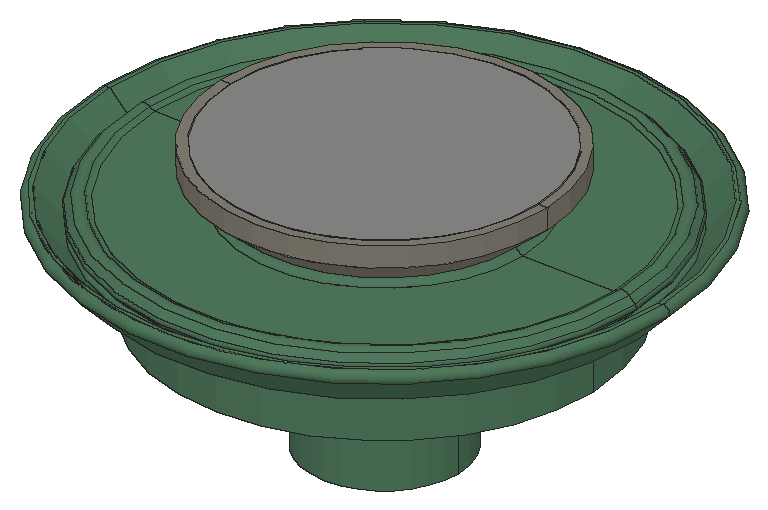
Revit family "Floor_Drain-Josam-30000-A", category Plumbing Fixtures, Revit 2012
Parameters (values of type "2In Diameter")
  X = 0' - 0 3/4"
  URL = "http://www.josam.com/p/cast-iron-adjustable-round-top-floor-drain/30000-A"
  Top Cleanout = Metal - Josam - Plate - Mesh
  Product Type = "Round Top"  # constant formula
  Product Page URL = "http://www.josam.com/catalog/line/F"
  Product Line = "Josam"  # constant formula
  Pipe Size Radius = Pipe Size Diameter / 2  # 0' - 1"
  Pipe Size Diameter = 0' - 2"
  Default Elevation = 4' - 0"
  Outer Cleanout Body = Metal - Josam - Anodized- Dark Green Satin
  Model = "30000-A"  # constant formula
  Manufacturer Toll Free Phone = "800-365-6726"  # constant formula
  Manufacturer Phone = "800-365-6726"  # constant formula
  Manufacturer Fax = "800-627-0008"  # constant formula
  Manufacturer Email = "custserv@josam.com"
  Manufacturer Address = "525 W. US Hwy 20, Michigan City, IN 46360"  # constant formula
  Manufacturer = "Josam Company"  # constant formula
  Inner Cleanout body = Metal - Josam - Brass - Satin
  Description = "Floor drain - cast iron"  # constant formula
  Subcategory = "Floor Drain"  # constant formula
  B Radius = B / 2  # 0' - 2 1/2"
  B = 0' - 5"
  Assembly Code = ""
  95 CSI = ""
  04 CSI = "22 40 00"  # constant formula
Types (4): name | Pipe Size Radius | Pipe Size Diameter
  (no name) | 0' - 1" | 0' - 2"
  2In Diameter | 0' - 1" | 0' - 2"
  3In Diameter | 0' - 1 1/2" | 0' - 3"
  4In Diameter | 0' - 2" | 0' - 4"
Reference planes (in)
  plane 1 "Center (Front/Back)": y = 0
  plane 2: z = 0
  plane 3 "Center (Left/Right)": x = 0.28125
  plane 4: x = 4.90625
  plane 5: x = -4.34375
  plane 6: z = -0.75
  plane 7: z = -4.375
Dimensions and locks (in)
  plane 5 to plane 4 = 0' - 9 1/4"  (x2)
  equal spacing: plane 5, plane 3 "Center (Left/Right)", plane 4
  "X": level to plane 6
  plane 6 to plane 7 = 0' - 3 5/8"
  aligned and locked: level to plane 2
  aligned and locked: plane 1 "Center (Front/Back)" to nested 1
  aligned and locked: plane 3 "Center (Left/Right)" to nested 1
  aligned and locked: plane 2 to nested 1
Nested families (in)
  nested 1: "30000-A" at (0, 0, 0.34556), type "30000-A"
Connectors (in)
  piping at (0.28125, 0, -4.375), driven by "Pipe Size Radius"
    settings: on nested 1, index 1, connector radius 1", flow factor 0, pipe flow 0 GPM, pressure drop 0.00 psi, fitting loss kfactor 0, connector angle 0.00°, fixture units 0, engagement length 0' - 0", flow configuration 0, flow direction 0, fitting loss method 0, system type 16, joint type 0, gender type 0, connector reference index -1, connector utility 0, adjustable connector no, is connector primary yes, fitting loss table "", connector description ""
Definition of nested family "30000-A"
  Parameters (values of type "30000-A")
    X = 0' - 0 3/4"
    URL = "http://www.josam.com/"
    Top Cleanout = Metal - Josam - Plate - Mesh
    Pipe Size Radius = Pipe Size Diameter / 2  # 0' - 1"
    Pipe Size Diameter = 0' - 2"
    Body Height = 0' - 3 5/8"
    Outer Cleanout Body = Metal - Josam - Anodized- Dark Green Satin
    Model = "30000-A"  # constant formula
    Manufacturer = "Josam, LLC"  # constant formula
    Inner Cleanout body = Metal - Josam - Brass - Satin
    Description = "30000-A_floor_drain"  # constant formula
    B Radius = B / 2  # 0' - 2 1/2"
    B = 0' - 5"
    Assembly Code = "D2030300"
  Reference planes (in)
    plane 1 "Center (Front/Back)": y = 0
    plane 2: z = 0
    plane 3 "Center (Left/Right)": x = 0.28125
    plane 4: z = -0.34556
    plane 5: x = 4.90625
    plane 6: x = -4.34375
    plane 7: z = -1.09556
    plane 8: z = -4.72056
    plane 9: z = 0.125
  Forms (in)
    Revolve 1, solid, material "Metal - Josam - Anodized- Dark Green Satin" <- "Outer Cleanout Body", detail levels fine
      sketch origin (0, 0, 0) x (1, 0, 0) y (0, 0, 1)
        loop
          arc (-4.24213, -1.09556) -> (-4.33588, -1.15821) -> (-4.31389, -1.26879) r 0.10148
          line (-4.31389, -1.26879) -> (-3.82962, -1.75306) -> (-3.1247, -1.75306) -> (-3.1247, -2.7554) -> (-2.44642, -2.7554) -> (-2.44642, -1.88756)
          arc (-2.44642, -1.88756) -> (-2.59373, -1.5862) -> (-2.90627, -1.46442) r 0.46107
          line (-2.90627, -1.46442) -> (-3.57023, -1.46442)
          arc (-3.57023, -1.46442) -> (-3.68187, -1.52314) -> (-3.79986, -1.47854) r 0.15369
          line (-3.79986, -1.47854) -> (-4.18283, -1.09556) -> (-4.24213, -1.09556)
        axis (0.28125, -1.09556) -> (0.28125, -2.7554)
      angle from 0 to 360
    Revolve 2, solid, material "Metal - Josam - Anodized- Dark Green Satin" <- "Outer Cleanout Body", detail levels fine
      sketch origin (0, 0, 0) x (1, 0, 0) y (0, 0, 1)
        loop
          line (-2.50238, -2.78099) -> (-0.92677, -3.01942) -> (-0.92677, -4.72056) -> (-0.71875, -4.72056) -> (-0.71875, -2.7466) -> (-2.50238, -2.7466) -> (-2.50238, -2.78099)
        axis (0.28125, -4.72056) -> (0.28125, -2.7466)
      angle from 0 to 360
    Revolve 3, solid, material "Metal - Josam - Anodized- Dark Green Satin" <- "Outer Cleanout Body", detail levels fine
      sketch origin (0, 0, 0) x (1, 0, 0) y (0, 0, 1)
        loop
          line (-1.97703, -1.17917) -> (-3.44442, -1.17917)
          arc (-3.44442, -1.17917) -> (-3.48789, -1.17123) -> (-3.52575, -1.14843) r 0.12295
          arc (-3.52575, -1.14843) -> (-3.61413, -1.1179) -> (-3.69843, -1.15837) r 0.12295
          line (-3.69843, -1.15837) -> (-3.79102, -1.26093)
          arc (-3.79102, -1.26093) -> (-3.80687, -1.30212) -> (-3.79102, -1.34332) r 0.06148
          line (-3.79102, -1.34332) -> (-3.69844, -1.44587)
          arc (-3.69844, -1.44587) -> (-3.61414, -1.48635) -> (-3.52575, -1.45581) r 0.12295
          arc (-3.52575, -1.45581) -> (-3.48789, -1.43301) -> (-3.44442, -1.42507) r 0.12295
          line (-3.44442, -1.42507) -> (-1.89918, -1.42507)
          arc (-1.89918, -1.42507) -> (-1.7149, -1.35455) -> (-1.62449, -1.17917) r 0.27664
          line (-1.62449, -1.17917) -> (-1.53596, -1.09065) -> (-1.53596, -0.74884) -> (-1.70228, -0.74884)
          arc (-1.70228, -0.74884) -> (-1.78284, -0.77891) -> (-1.824, -0.85441) r 0.12295
          line (-1.824, -0.85441) -> (-1.85531, -1.07361)
          arc (-1.85531, -1.07361) -> (-1.89647, -1.1491) -> (-1.97703, -1.17917) r 0.12295
        axis (0.28125, -0.74884) -> (0.28125, -1.45581)
      angle from 0 to 360
    Revolve 4, solid, material "Metal - Josam - Brass - Satin" <- "Inner Cleanout body", detail levels fine
      sketch origin (0, 0, 0) x (1, 0, 0) y (0, 0, 1)
        loop
          line (2.35092, -2.2513) -> (2.35092, -1.14475) -> (2.93494, -0.66402) -> (2.93494, -0.34556) -> (2.78125, -0.34556) -> (2.78125, -0.59147) -> (2.59326, -0.59147) -> (2.59326, -0.74621) -> (2.26608, -1.01552) -> (2.26608, -1.26142) -> (2.19723, -1.26142) -> (2.19723, -2.2513) -> (2.35092, -2.2513)
        axis (0.28125, -0.34556) -> (0.28125, -2.2513)
      angle from 0 to 360
    Extrusion 5, solid, material "Metal - Josam - Plate - Mesh" <- "Top Cleanout", detail levels fine
      sketch origin (0, 0, 0) x (1, 0, 0) y (0, 1, 0)
        loop
          circle (0.28125, 0) r 2.5
      from -0.66402 to -0.34556
  Lines and regions (in)
    Masking region 1, detail levels fine
      outline origin (-7.59248, -180, 0.125) x (-1, 0, 0) y (0, -1, 0)
        loop
          circle (-7.87373, -180) r 4.625
    model lines, detail levels coarse+medium
      curve 1: line (-2.21875, 0, -0.34556) -> (2.78125, 0, -0.34556)
      curve 2: line (-0.71875, 0, -4.72056) -> (1.28125, 0, -4.72056)
      curve 3: line (0.28125, 0, -0.34556) -> (0.28125, 0, -4.72056)
    symbolic lines, detail levels fine
      curve 4: circle (0.28125, 0, 0) r 2.78363 normal (0, 0, 1)
  Dimensions and locks (in)
    locked: Revolve 2 sketch curve to Revolve 2 sketch curve at 0.03439
    Revolve 4 sketch curve to Revolve 4 sketch curve to Revolve 4 sketch curve to Revolve 4 sketch curve to Revolve 4 sketch curve to Revolve 4 sketch curve to Revolve 4 sketch curve to Revolve 4 sketch curve = 0' - 0.2459" locked, 0' - 0.07255" locked, 0' - 0.08219" locked, 0' - 0.26931" locked, 0' - 0.12923" locked, 0' - 0.11668" locked, 0' - 0.98988" locked
    "X": Revolve 4 sketch curve to Revolve 1
    Revolve 4 sketch curve to Revolve 4 sketch curve to Revolve 4 sketch curve to Revolve 4 sketch curve to Revolve 4 sketch curve to Revolve 4 sketch curve to Revolve 4 sketch curve = 0' - 0.15369" locked, 0' - 0.18799" locked, 0' - 0.24233" locked, 0' - 0.08484" locked, 0' - 0" locked, 0' - 0.06885" locked
    "B Radius": Revolve 4 sketch curve to plane 3 "Center (Left/Right)"
    plane 6 to plane 5 = 0' - 9 1/4"
    "X": plane 4 to plane 7
    "Body Height": plane 7 to plane 8
    locked: Revolve 2 sketch curve to Revolve 2 sketch curve at 0.20802
    "Pipe Size Radius": plane 3 "Center (Left/Right)" to Revolve 2 sketch curve
    locked: Revolve 1 to Revolve 2 sketch curve at 0.05595
    equal spacing: curve 1, plane 3 "Center (Left/Right)", curve 1
    curve 1 to curve 1 = 0' - 5"
    equal spacing: curve 2, plane 3 "Center (Left/Right)", curve 2
    "Pipe Size Diameter": curve 2 to curve 2
    aligned and locked: level to plane 2
    aligned and locked: Revolve 2 sketch curve to plane 8
    aligned and locked: plane 4 to Extrusion 5
    aligned and locked: Extrusion 5 sketch curve to Revolve 4
    aligned and locked: Revolve 4 to Extrusion 5
    aligned and locked: plane 1 "Center (Front/Back)" to curve 1
    aligned and locked: plane 8 to curve 3
    aligned and locked: curve 3 to plane 3 "Center (Left/Right)"
    aligned and locked: curve 3 to Revolve 4
  Automatic sketch dimensions
    Revolve 1 sketch curve to plane 3 "Center (Left/Right)" = 0' - 0"
    Revolve 1 sketch curve to level = 0' - 1.88756"
    Revolve 1 sketch curve to plane 3 "Center (Left/Right)" = 0' - 2.72767"
    Revolve 1 sketch curve to Revolve 1 sketch curve = 0' - 0.4595"
    Revolve 1 sketch curve to Revolve 1 sketch curve = 0' - 0.00034"
    Revolve 1 sketch curve to Revolve 1 sketch curve = 0' - 0.67828"
    Revolve 1 sketch curve to Revolve 1 sketch curve = 0' - 0.44553"
    Revolve 1 sketch curve to Revolve 1 sketch curve = 0' - 0.12107"
    Revolve 1 sketch curve to Revolve 1 sketch curve = 0' - 0.10856"
    Revolve 1 sketch curve to level = 0' - 1.75306"
    Revolve 1 sketch curve to Revolve 1 sketch curve = 0' - 0.02976"
    Revolve 1 sketch curve to level = 0' - 1.09556"
    Revolve 1 sketch curve to Revolve 1 sketch curve = 0' - 0.38297"
    Revolve 1 sketch curve to Revolve 1 sketch curve = 0' - 0.0593"
    Revolve 1 sketch curve to Revolve 1 sketch curve = 0' - 0.07175"
    Revolve 1 sketch curve to Revolve 1 sketch curve = 0' - 0.17242"
    Revolve 1 sketch curve to Revolve 1 sketch curve = 0' - 0.86784"
    Revolve 1 sketch curve to level = 0' - 1.47952"
    Revolve 1 sketch curve to Revolve 1 sketch curve = 0' - 0.01412"
    Revolve 1 sketch curve to Revolve 1 sketch curve = 0' - 0.17323"
    Revolve 1 sketch curve to Revolve 1 sketch curve = 0' - 0 1/2"
    Revolve 3 sketch curve to plane 3 "Center (Left/Right)" = 0' - 0"
    Revolve 3 sketch curve to plane 3 "Center (Left/Right)" = 0' - 1.81721"
    Revolve 3 sketch curve to Revolve 3 sketch curve = 0' - 0.08852"  (x2)
    Revolve 3 sketch curve to Revolve 3 sketch curve = 0' - 0.16632"
    Revolve 3 sketch curve to Revolve 3 sketch curve = 0' - 0"  (x16)
    Revolve 3 sketch curve to Revolve 3 sketch curve = 0' - 0.12172"
    Revolve 3 sketch curve to level = 0' - 0.85441"
    Revolve 3 sketch curve to Revolve 3 sketch curve = 0' - 0.03131"
    Revolve 3 sketch curve to Revolve 3 sketch curve = 0' - 0.04387"
    Revolve 3 sketch curve to Revolve 3 sketch curve = 0' - 0.04411"
    Revolve 3 sketch curve to Revolve 3 sketch curve = 0' - 0.07761"
    Revolve 3 sketch curve to Revolve 3 sketch curve = 0' - 1.4674"
    Revolve 3 sketch curve to Revolve 3 sketch curve = 0' - 0.08132"  (x4)
    Revolve 3 sketch curve to level = 0' - 1.15837"
    Revolve 3 sketch curve to Revolve 3 sketch curve = 0' - 0.09136"
    Revolve 3 sketch curve to Revolve 3 sketch curve = 0' - 0.09137"
    Revolve 3 sketch curve to Revolve 3 sketch curve = 0' - 0.04695"
    Revolve 3 sketch curve to level = 0' - 1.34332"
    Revolve 3 sketch curve to Revolve 3 sketch curve = 0' - 0.04563"  (x2)
    Revolve 3 sketch curve to level = 0' - 1.26093"
    Revolve 3 sketch curve to Revolve 3 sketch curve = 0' - 0.02028"
    Revolve 3 sketch curve to Revolve 3 sketch curve = 0' - 0.06148"
    Revolve 3 sketch curve to Revolve 3 sketch curve = 0' - 0.04119"
    Revolve 3 sketch curve to Revolve 3 sketch curve = 0' - 0.08228"
    Revolve 3 sketch curve to Revolve 3 sketch curve = 0' - 0.2459"
    Revolve 3 sketch curve to level = 0' - 1.09556"
    Revolve 3 sketch curve to Revolve 3 sketch curve = 0' - 0.07483"
    Revolve 3 sketch curve to Revolve 3 sketch curve = 0' - 0.21564"
    Revolve 3 sketch curve to Revolve 3 sketch curve = 0' - 0.01739"
    Revolve 4 sketch curve to plane 3 "Center (Left/Right)" = 0' - 0"
    Revolve 4 sketch curve to level = 0' - 0.59838"
    Revolve 4 sketch curve to Revolve 4 sketch curve = 0' - 0 1/4"
    Revolve 2 sketch curve to plane 3 "Center (Left/Right)" = 0' - 0"
    plane 8 to Revolve 2 sketch curve = 0' - 1.43443"
    Revolve 2 sketch curve to Revolve 2 sketch curve = 0' - 0.72631"
    Revolve 2 sketch curve to plane 7 = 0' - 1.92385"
    Revolve 2 sketch curve to Revolve 2 sketch curve = 0' - 0.23842"
    plane 1 "Center (Front/Back)" to curve 2 = 0' - 0"
    plane 1 "Center (Front/Back)" to curve 4 = 0' - 0"
    curve 4 to plane 3 "Center (Left/Right)" = 0' - 0"
    plane 1 "Center (Front/Back)" to Masking region 1 sketch curve = 0' - 0"
    Masking region 1 sketch curve to plane 3 "Center (Left/Right)" = 0' - 0"
    radius of curve 4 = 0' - 2.78363"
    radius of Masking region 1 sketch curve = 0' - 4 5/8"
